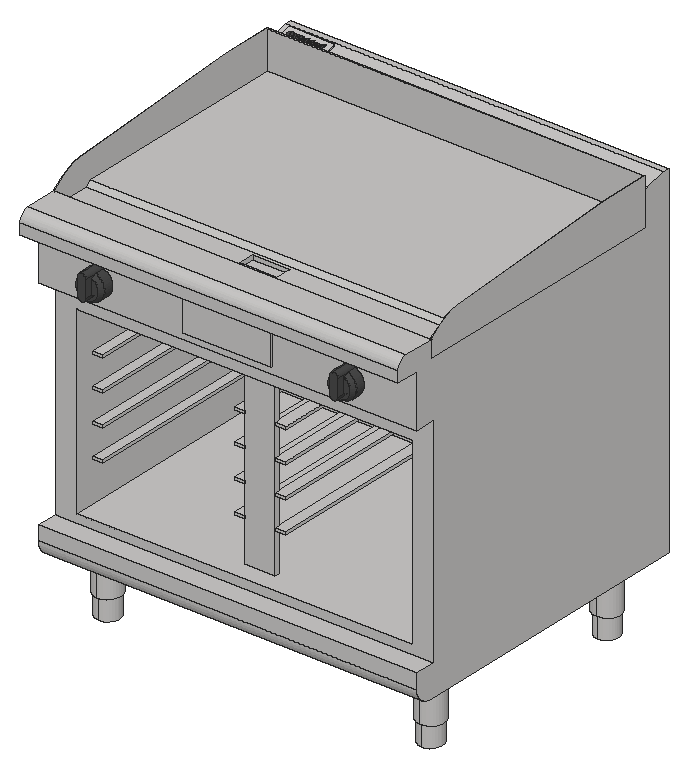
Revit family "QF_MOFFAT WALDORF_GPL8900E-CB", category Specialty Equipment, Revit 2012
Parameters
  Weight in Pounds = 348.33  # constant formula
  Width [instance] = 900.00 mm  # constant formula
  Watts = 12000 W
  Volts = 415 V
  URL Cutsheet = "www.moffat.com"
  URL = "www.moffat.com"
  Type Mark [instance] = ""
  Status [instance] = ""
  Specification by User [instance] = ""
  Specification by Manufacturer = ""
  Show Logo [instance] = yes
  Show Casters [instance] = no
  Serial Number = ""
  Seismic Rating = ""
  SMACNA No = ""
  Revision Code [instance] = ""
  Phase = 3
  Omniclass Number and Title = ""
  Number of Poles = 1
  NAFEM Spec ID Number = ""
  Model = "GPL8900E-CB"
  Min Ckt Ampacity = 0 A
  Max Overcurrent Protection = 0 A
  Masterspec = ""
  Manufacturer = "MOFFAT WALDORF"
  Legs [instance] = not(Show Casters)  # yes
  Item Number [instance] = ""
  Installed By [instance] = ""
  Identify Quantity as Lot [instance] = yes
  Height = 970.00 mm  # constant formula
  HP = ""
  Furnished By [instance] = ""
  Foodservice Equipment Identifier [instance] = yes
  FL Amps = 16.6 A
  Elec Conn RI Height = 0.00 mm
  Elec Conn Connection Height = 0.00 mm
  Description = "GRIDDLE PLATE LOW SPLASHBACK ELECTRIC ON CABINET BASE"
  Depth [instance] = 805.00 mm  # constant formula
  Cycle = 50 Hz
  Conn Plug = ""
  Conn Conduit = yes
  CSI MasterFormat = ""
  CSI Master Format = ""
  Back Splash [instance] = 215.00 mm  # constant formula
  Apparent Power = if(Phase = 3, Volts * FL Amps * 1.73, Volts * FL Amps)  # 11918 VA
Reference planes
  plane 1 "BACK": y = 0
  plane 2: z = 0
  plane 3 "LEFT": x = 0
  plane 4 "RIGHT": x = 900
  plane 5 "FRONT": y = -805
  plane 6 "TOP": z = 970
  plane 7 "Center Y": x = 450
  plane 8 "Center X": y = -402.5
  plane 9 "Base Height": z = 150
  plane 10: z = 915
  plane 11: x = 65
  plane 12: x = 834
  plane 13: y = -625
  plane 14: y = -100
  plane 15: x = 770
  plane 16: y = -32
  plane 17: z = 710
Forms (mm)
  Extrusion 1, solid, material "QF_Finishes_Stainless Steel"
    sketch origin (0, 0, 0) x (0, 1, 0) y (0, 0, 1)
      loop
        line (-699, 222.5) -> (-749, 222.5) -> (-749, 188)
        arc (-749, 188) -> (-737.87, 161.13) -> (-711, 150) r 38
        line (-711, 150) -> (-699, 150) -> (-699, 222.5)
      loop
        line (-100, 150) -> (0, 150) -> (0, 970) -> (-15, 970) -> (-61.106, 957.646)
        arc (-61.106, 957.646) -> (-67.52, 953.36) -> (-70, 946.055) r 12
        line (-70, 946.055) -> (-70, 875) -> (-705, 875) -> (-705, 915) -> (-781, 915)
        arc (-781, 915) -> (-797.971, 907.971) -> (-805, 891) r 24
        line (-805, 891) -> (-805, 866) -> (-749, 866) -> (-749, 740) -> (-100, 740) -> (-100, 150)
    from 0 to 900
  Revolve 2, solid, material "QF_Finishes_Stainless Steel", visible <- "Legs"
    sketch origin (834, -210, 0) x (0, 1, 0) y (0, 0, -1)
      loop
        line (78.25, -150) -> (110, -150) -> (110, 0) -> (82.5, 0) -> (82.5, -50) -> (78.25, -50) -> (78.25, -150)
      axis (110, -150) -> (110, 0)
    angle from 0 to 360
  Revolve 3, solid, material "QF_Finishes_Stainless Steel"
    sketch origin (834, -735, 0) x (0, 1, 0) y (0, 0, -1)
      loop
        line (78.25, -150) -> (110, -150) -> (110, 0) -> (82.5, 0) -> (82.5, -50) -> (78.25, -50) -> (78.25, -150)
      axis (110, -150) -> (110, 0)
    angle from 0 to 360
  Revolve 4, solid, material "QF_Finishes_Stainless Steel", visible <- "Legs"
    sketch origin (65, -210, 0) x (0, 1, 0) y (0, 0, -1)
      loop
        line (78.25, -150) -> (110, -150) -> (110, 0) -> (82.5, 0) -> (82.5, -50) -> (78.25, -50) -> (78.25, -150)
      axis (110, -150) -> (110, 0)
    angle from 0 to 360
  Revolve 5, solid, material "QF_Finishes_Stainless Steel"
    sketch origin (65, -735, 0) x (0, 1, 0) y (0, 0, -1)
      loop
        line (78.25, -150) -> (110, -150) -> (110, 0) -> (82.5, 0) -> (82.5, -50) -> (78.25, -50) -> (78.25, -150)
      axis (110, -150) -> (110, 0)
    angle from 0 to 360
  Revolve 6, solid, material "QF_Finishes_Black"
    sketch origin (150, 0, 602.373) x (0, 1, 0) y (0, 0, -1)
      loop
        line (-782, -229.5) -> (-759, -229.5) -> (-759, -202) -> (-749, -202) -> (-749, -197) -> (-793, -197) -> (-793, -223.651) -> (-782, -229.5)
      axis (-793, -197) -> (-749, -197)
    angle from 0 to 360
  Extrusion 7, solid, material "QF_Finishes_Black"
    sketch origin (288.27, 0, 602.531) x (-1, 0, 0) y (0, 0, -1)
      loop
        arc (148.269, -184.969) -> (138.269, -174.969) -> (128.269, -184.969) r 10
        line (128.269, -184.969) -> (128.269, -223.969)
        arc (128.269, -223.969) -> (138.269, -233.969) -> (148.269, -223.969) r 10
        line (148.269, -223.969) -> (148.269, -184.969)
    from 759 to 808
  Extrusion 8, solid, material "QF_Finishes_Stainless Steel"
    sketch origin (-295, -749, 866) x (0, 0, -1) y (1, 0, 0)
      loop
        line (24, 640) -> (111, 640) -> (111, 850) -> (24, 850) -> (24, 640)
    from 0 to 2.5
  Extrusion 9, solid, material "QF_Finishes_Stainless Steel"
    sketch origin (-295, -751.5, 866) x (0, 0, -1) y (1, 0, 0)
      loop
        line (31, 850) -> (24, 850) -> (24, 640) -> (31, 640) -> (31, 850)
    from 0 to 5
  Extrusion 10, solid, material "QF_Finishes_Stainless Steel"
    sketch origin (0, 0, 740) x (0, -1, 0) y (-1, 0, 0)
      loop
        circle (32, -770) r 13.5
    from 0 to 30
  Revolve 11, solid, material "QF_Finishes_Black"
    sketch origin (750, 0, 602.373) x (0, 1, 0) y (0, 0, 1)
      loop
        line (-782, 229.5) -> (-793, 223.651) -> (-793, 197) -> (-749, 197) -> (-749, 202) -> (-759, 202) -> (-759, 229.5) -> (-782, 229.5)
      axis (-793, 197) -> (-749, 197)
    angle from 0 to 360
  Extrusion 12, solid, material "QF_Finishes_Black"
    sketch origin (611.73, 0, 602.531) x (1, 0, 0) y (0, 0, 1)
      loop
        line (148.269, 184.969) -> (148.269, 223.969)
        arc (148.269, 223.969) -> (138.269, 233.969) -> (128.269, 223.969) r 10
        line (128.269, 223.969) -> (128.269, 184.969)
        arc (128.269, 184.969) -> (138.269, 174.969) -> (148.269, 184.969) r 10
    from 759 to 808
  Extrusion 13, solid, material "QF_Finishes_Stainless Steel"
    sketch origin (0, -100, 685) x (0, 0, 1) y (-1, 0, 0)
      loop
        line (55, 0) -> (-535, 0) -> (-535, -900) -> (55, -900) -> (55, 0)
      loop
        line (-5, -50) -> (-442.5, -50) -> (-442.5, -850) -> (-5, -850) -> (-5, -50)
    from 0 to 599
  Extrusion 14, solid, material "QF_Finishes_Stainless Steel"
    sketch origin (0, -100, 685) x (0, 0, 1) y (-1, 0, 0)
      loop
        line (-5, -485.5) -> (-5, -414.5) -> (-442.5, -414.5) -> (-442.5, -485.5) -> (-5, -485.5)
    from 543.302 to 553.302
  Extrusion 15, solid, material "QF_Finishes_Stainless Steel"
    sketch origin (0, -100, 685) x (0, 0, 1) y (-1, 0, 0)
      loop
        line (-196.25, -414.5) -> (-189.9, -414.5) -> (-189.9, -389.5) -> (-196.25, -389.5) -> (-196.25, -414.5)
      loop
        line (-271.25, -414.5) -> (-264.9, -414.5) -> (-264.9, -389.5) -> (-271.25, -389.5) -> (-271.25, -414.5)
      loop
        line (-271.25, -50) -> (-271.25, -75) -> (-264.9, -75) -> (-264.9, -50) -> (-271.25, -50)
      loop
        line (-189.9, -75) -> (-189.9, -50) -> (-196.25, -50) -> (-196.25, -75) -> (-189.9, -75)
      loop
        line (-346.25, -414.5) -> (-339.9, -414.5) -> (-339.9, -389.5) -> (-346.25, -389.5) -> (-346.25, -414.5)
      loop
        line (-346.25, -50) -> (-346.25, -75) -> (-339.9, -75) -> (-339.9, -50) -> (-346.25, -50)
      loop
        line (-121.25, -414.5) -> (-114.9, -414.5) -> (-114.9, -389.5) -> (-121.25, -389.5) -> (-121.25, -414.5)
      loop
        line (-114.9, -75) -> (-114.9, -50) -> (-121.25, -50) -> (-121.25, -75) -> (-114.9, -75)
      loop
        line (-196.25, -485.5) -> (-196.25, -510.5) -> (-189.9, -510.5) -> (-189.9, -485.5) -> (-196.25, -485.5)
      loop
        line (-271.25, -485.5) -> (-271.25, -510.5) -> (-264.9, -510.5) -> (-264.9, -485.5) -> (-271.25, -485.5)
      loop
        line (-271.25, -850) -> (-264.9, -850) -> (-264.9, -825) -> (-271.25, -825) -> (-271.25, -850)
      loop
        line (-189.9, -825) -> (-196.25, -825) -> (-196.25, -850) -> (-189.9, -850) -> (-189.9, -825)
      loop
        line (-346.25, -485.5) -> (-346.25, -510.5) -> (-339.9, -510.5) -> (-339.9, -485.5) -> (-346.25, -485.5)
      loop
        line (-346.25, -850) -> (-339.9, -850) -> (-339.9, -825) -> (-346.25, -825) -> (-346.25, -850)
      loop
        line (-121.25, -485.5) -> (-121.25, -510.5) -> (-114.9, -510.5) -> (-114.9, -485.5) -> (-121.25, -485.5)
      loop
        line (-114.9, -825) -> (-121.25, -825) -> (-121.25, -850) -> (-114.9, -850) -> (-114.9, -825)
    from 0 to 553.302
  Extrusion 16, void
    sketch origin (0, 0, 150) x (-1, 0, 0) y (0, -1, 0)
      loop
        line (-832.738, 87.26) -> (-832.738, -30.24) -> (-703.238, -30.24) -> (-703.238, 38.76) -> (-751.738, 87.26) -> (-832.738, 87.26)
    from 72.5 to 590
Cuts and joins
  joined: Extrusion 8, Extrusion 9
  Extrusion 16 cuts Extrusion 1
  joined: Extrusion 1, Extrusion 13
Lines and regions (mm)
  Split face 1
    outline origin (12.5, -17.878, 969.229) x (0, -0.965926, -0.258819) y (1, 0, 0)
      loop
        line (2.411, 151.462) -> (37.194, 151.462) -> (37.194, 169.241) -> (2.411, 169.241) -> (2.411, 151.462)
  Split face 2
    outline origin (66.25, -17.878, 969.229) x (0, -0.965926, -0.258819) y (1, 0, 0)
      loop
        line (2.411, 151.462) -> (37.194, 151.462) -> (37.194, 169.241) -> (2.411, 169.241) -> (2.411, 151.462)
  Split face 3
    outline origin (120, -17.878, 969.229) x (0, -0.965926, -0.258819) y (1, 0, 0)
      loop
        line (2.411, 151.462) -> (37.194, 151.462) -> (37.194, 169.241) -> (2.411, 169.241) -> (2.411, 151.462)
  Split face 4
    outline origin (-121.25, -17.878, 969.229) x (0, -0.965926, -0.258819) y (1, 0, 0)
      loop
        line (2.411, 451.462) -> (37.194, 451.462) -> (37.194, 469.241) -> (2.411, 469.241) -> (2.411, 451.462)
  Split face 5
    outline origin (-67.5, -17.878, 969.229) x (0, -0.965926, -0.258819) y (1, 0, 0)
      loop
        line (2.411, 451.462) -> (37.194, 451.462) -> (37.194, 469.241) -> (2.411, 469.241) -> (2.411, 451.462)
  Split face 6
    outline origin (-13.75, -17.878, 969.229) x (0, -0.965926, -0.258819) y (1, 0, 0)
      loop
        line (2.411, 451.462) -> (37.194, 451.462) -> (37.194, 469.241) -> (2.411, 469.241) -> (2.411, 451.462)
  Split face 7
    outline origin (40, -17.878, 969.229) x (0, -0.965926, -0.258819) y (1, 0, 0)
      loop
        line (2.411, 451.462) -> (37.194, 451.462) -> (37.194, 469.241) -> (2.411, 469.241) -> (2.411, 451.462)
  Split face 8
    outline origin (95, -17.878, 969.229) x (0, -0.965926, -0.258819) y (1, 0, 0)
      loop
        line (2.411, 451.462) -> (37.194, 451.462) -> (37.194, 469.241) -> (2.411, 469.241) -> (2.411, 451.462)
  Split face 9
    outline origin (148.257, -17.878, 969.229) x (0, -0.965926, -0.258819) y (1, 0, 0)
      loop
        line (2.411, 451.462) -> (37.194, 451.462) -> (37.194, 469.241) -> (2.411, 469.241) -> (2.411, 451.462)
  Split face 10
    outline origin (203.257, -17.878, 969.229) x (0, -0.965926, -0.258819) y (1, 0, 0)
      loop
        line (2.411, 451.462) -> (37.194, 451.462) -> (37.194, 469.241) -> (2.411, 469.241) -> (2.411, 451.462)
  Split face 11
    outline origin (256.727, -17.878, 969.229) x (0, -0.965926, -0.258819) y (1, 0, 0)
      loop
        line (2.411, 451.462) -> (37.194, 451.462) -> (37.194, 469.241) -> (2.411, 469.241) -> (2.411, 451.462)
  symbolic lines
    curve 1: line (0, 0, 0) -> (0, -805, 0)
    curve 2: line (900, 0, 0) -> (0, 0, 0)
    curve 3: line (900, -805, 0) -> (900, 0, 0)
    curve 4: line (0, -70, 0) -> (900, -70, 0)
    curve 5: line (0, -805, 0) -> (900, -805, 0)
    curve 6: line (12.5, -20.958, 0) -> (121.5, -20.958, 0)
    curve 7: line (12.5, -51.234, 0) -> (12.5, -20.958, 0)
    curve 8: line (121.5, -20.958, 0) -> (121.5, -51.234, 0)
    curve 9: line (12.5, -51.234, 0) -> (121.5, -51.234, 0)
    curve 10: line (181.741, -20.207, 0) -> (181.741, -53.804, 0)
    curve 11: line (181.741, -53.804, 0) -> (163.962, -53.804, 0)
    curve 12: line (163.962, -53.804, 0) -> (163.962, -20.207, 0)
    curve 13: line (163.962, -20.207, 0) -> (181.741, -20.207, 0)
    curve 14: line (217.712, -53.804, 0) -> (217.712, -20.207, 0)
    curve 15: line (217.712, -20.207, 0) -> (235.491, -20.207, 0)
    curve 16: line (235.491, -20.207, 0) -> (235.491, -53.804, 0)
    curve 17: line (235.491, -53.804, 0) -> (217.712, -53.804, 0)
    curve 18: line (289.241, -53.804, 0) -> (271.462, -53.804, 0)
    curve 19: line (271.462, -53.804, 0) -> (271.462, -20.207, 0)
    curve 20: line (271.462, -20.207, 0) -> (289.241, -20.207, 0)
    curve 21: line (289.241, -20.207, 0) -> (289.241, -53.804, 0)
    curve 22: line (347.991, -53.804, 0) -> (330.212, -53.804, 0)
    curve 23: line (330.212, -53.804, 0) -> (330.212, -20.207, 0)
    curve 24: line (330.212, -20.207, 0) -> (347.991, -20.207, 0)
    curve 25: line (347.991, -20.207, 0) -> (347.991, -53.804, 0)
    curve 26: line (401.741, -53.804, 0) -> (383.962, -53.804, 0)
    curve 27: line (383.962, -53.804, 0) -> (383.962, -20.207, 0)
    curve 28: line (383.962, -20.207, 0) -> (401.741, -20.207, 0)
    curve 29: line (401.741, -20.207, 0) -> (401.741, -53.804, 0)
    curve 30: line (455.491, -20.207, 0) -> (437.712, -20.207, 0)
    curve 31: line (437.712, -20.207, 0) -> (437.712, -53.804, 0)
    curve 32: line (437.712, -53.804, 0) -> (455.491, -53.804, 0)
    curve 33: line (455.491, -53.804, 0) -> (455.491, -20.207, 0)
    curve 34: line (491.462, -20.207, 0) -> (509.241, -20.207, 0)
    curve 35: line (509.241, -20.207, 0) -> (509.241, -53.804, 0)
    curve 36: line (509.241, -53.804, 0) -> (491.462, -53.804, 0)
    curve 37: line (491.462, -53.804, 0) -> (491.462, -20.207, 0)
    curve 38: line (546.462, -20.207, 0) -> (564.241, -20.207, 0)
    curve 39: line (564.241, -20.207, 0) -> (564.241, -53.804, 0)
    curve 40: line (564.241, -53.804, 0) -> (546.462, -53.804, 0)
    curve 41: line (546.462, -53.804, 0) -> (546.462, -20.207, 0)
    curve 42: line (617.498, -20.207, 0) -> (599.719, -20.207, 0)
    curve 43: line (599.719, -20.207, 0) -> (599.719, -53.804, 0)
    curve 44: line (599.719, -53.804, 0) -> (617.498, -53.804, 0)
    curve 45: line (617.498, -53.804, 0) -> (617.498, -20.207, 0)
    curve 46: line (672.498, -20.207, 0) -> (654.719, -20.207, 0)
    curve 47: line (654.719, -20.207, 0) -> (654.719, -53.804, 0)
    curve 48: line (654.719, -53.804, 0) -> (672.498, -53.804, 0)
    curve 49: line (672.498, -53.804, 0) -> (672.498, -20.207, 0)
    curve 50: line (725.968, -20.207, 0) -> (725.968, -53.804, 0)
    curve 51: line (725.968, -53.804, 0) -> (708.189, -53.804, 0)
    curve 52: line (708.189, -53.804, 0) -> (708.189, -20.207, 0)
    curve 53: line (708.189, -20.207, 0) -> (725.968, -20.207, 0)
Dimensions and locks
  equal spacing: plane 3 "LEFT", plane 7 "Center Y", plane 4 "RIGHT"
  "Width": plane 3 "LEFT" to plane 4 "RIGHT"
  equal spacing: plane 5 "FRONT", plane 8 "Center X", plane 1 "BACK"
  "Depth": plane 5 "FRONT" to plane 1 "BACK"
  locked: plane 10 to level at 915
  locked: plane 9 "Base Height" to level at 150
  nested 1 to plane 6 "TOP" to nested 1 to plane 10 = 0.283 mm locked, 8.727 mm locked, 46.273 mm locked
  plane 13 to plane 14 = 525.00 mm
  plane 12 to plane 11 = 769.00 mm
  "Height": plane 6 "TOP" to level
  plane 15 to plane 4 "RIGHT" = 130.00 mm
  plane 16 to plane 1 "BACK" = 32.00 mm
  plane 17 to level = 710.00 mm
  aligned and locked: level to plane 2
Automatic sketch dimensions
  plane 1 "BACK" to curve 1 = 0.00 mm
  curve 1 to plane 3 "LEFT" = 0.00 mm
  curve 2 to plane 4 "RIGHT" = 0.00 mm
  plane 5 "FRONT" to curve 1 = 0.00 mm
  plane 3 "LEFT" to curve 9 = 12.50 mm
  curve 9 to plane 16 = 19.234 mm
  plane 11 to curve 9 = 56.50 mm
  plane 16 to curve 12 = 11.793 mm
  curve 6 to curve 12 = 42.462 mm
  curve 12 to curve 10 = 17.779 mm
  plane 16 to curve 15 = 11.793 mm
  curve 10 to curve 15 = 35.971 mm
  curve 14 to curve 17 = 17.779 mm
  curve 4 to curve 7 = 18.766 mm
  curve 17 to plane 16 = 21.804 mm
  curve 12 to plane 16 = 21.804 mm
  plane 16 to curve 8 = 11.042 mm
  Revolve 2 sketch curve to plane 9 "Base Height" = 0.00 mm
  Revolve 2 sketch curve to level = 0.00 mm
  Revolve 2 sketch curve to plane 14 = 0.00 mm  (x2)
  Revolve 2 sketch curve to plane 14 = 27.50 mm
  Revolve 2 sketch curve to plane 14 = 31.75 mm
  level to Revolve 2 sketch curve = 50.00 mm
  Revolve 2 sketch curve to Revolve 2 sketch curve = 0.00 mm
  Revolve 2 sketch curve to Revolve 2 sketch curve = 55.00 mm
  Revolve 3 sketch curve to plane 9 "Base Height" = 0.00 mm
  Revolve 3 sketch curve to level = 0.00 mm
  Revolve 3 sketch curve to plane 13 = 0.00 mm  (x2)
  Revolve 3 sketch curve to plane 13 = 27.50 mm
  Revolve 3 sketch curve to plane 13 = 31.75 mm
  level to Revolve 3 sketch curve = 50.00 mm
  Revolve 3 sketch curve to Revolve 3 sketch curve = 0.00 mm
  Revolve 3 sketch curve to Revolve 3 sketch curve = 55.00 mm
  Revolve 4 sketch curve to plane 9 "Base Height" = 0.00 mm
  Revolve 4 sketch curve to level = 0.00 mm
  Revolve 4 sketch curve to plane 14 = 0.00 mm  (x2)
  Revolve 4 sketch curve to plane 14 = 27.50 mm
  Revolve 4 sketch curve to plane 14 = 31.75 mm
  level to Revolve 4 sketch curve = 50.00 mm
  Revolve 4 sketch curve to Revolve 4 sketch curve = 0.00 mm
  Revolve 4 sketch curve to Revolve 4 sketch curve = 55.00 mm
  Revolve 5 sketch curve to plane 9 "Base Height" = 0.00 mm
  Revolve 5 sketch curve to level = 0.00 mm
  Revolve 5 sketch curve to plane 13 = 0.00 mm  (x2)
  Revolve 5 sketch curve to plane 13 = 27.50 mm
  Revolve 5 sketch curve to plane 13 = 31.75 mm
  level to Revolve 5 sketch curve = 50.00 mm
  Revolve 5 sketch curve to Revolve 5 sketch curve = 0.00 mm
  Revolve 5 sketch curve to Revolve 5 sketch curve = 55.00 mm
  Extrusion 1 to Split face 1 sketch curve = 5.391 mm
  Split face 1 sketch curve to Extrusion 1 = 7.559 mm
  Split face 1 sketch curve to Extrusion 1 = 163.962 mm
  Split face 1 sketch curve to Split face 1 sketch curve = 17.779 mm
  Extrusion 1 to Split face 2 sketch curve = 5.391 mm
  Split face 2 sketch curve to Extrusion 1 = 7.559 mm
  Split face 2 sketch curve to Extrusion 1 = 217.712 mm
  Split face 2 sketch curve to Split face 2 sketch curve = 17.779 mm
  Extrusion 1 to Split face 3 sketch curve = 5.391 mm
  Split face 3 sketch curve to Extrusion 1 = 7.559 mm
  Split face 3 sketch curve to Extrusion 1 = 271.462 mm
  Split face 3 sketch curve to Split face 3 sketch curve = 17.779 mm
  Extrusion 1 to Split face 4 sketch curve = 5.391 mm
  Split face 4 sketch curve to Extrusion 1 = 7.559 mm
  Split face 4 sketch curve to Extrusion 1 = 330.212 mm
  Split face 4 sketch curve to Split face 4 sketch curve = 17.779 mm
  Extrusion 1 to Split face 5 sketch curve = 5.391 mm
  Split face 5 sketch curve to Extrusion 1 = 7.559 mm
  Split face 5 sketch curve to Extrusion 1 = 383.962 mm
  Split face 5 sketch curve to Split face 5 sketch curve = 17.779 mm
  Extrusion 1 to Split face 6 sketch curve = 5.391 mm
  Split face 6 sketch curve to Extrusion 1 = 7.559 mm
  Split face 6 sketch curve to Extrusion 1 = 437.712 mm
  Split face 6 sketch curve to Split face 6 sketch curve = 17.779 mm
  Extrusion 1 to Split face 7 sketch curve = 5.391 mm
  Split face 7 sketch curve to Extrusion 1 = 7.559 mm
  Split face 7 sketch curve to Extrusion 1 = 408.538 mm
  Split face 7 sketch curve to Split face 7 sketch curve = 17.779 mm
  Revolve 6 sketch curve to plane 5 "FRONT" = 12.00 mm
  Revolve 6 sketch curve to Revolve 6 sketch curve = 0.00 mm  (x2)
  Revolve 6 sketch curve to Revolve 6 sketch curve = 11.00 mm
  Revolve 6 sketch curve to Revolve 6 sketch curve = 12.70 mm
  Revolve 6 sketch curve to Revolve 6 sketch curve = 23.00 mm
  Revolve 6 sketch curve to Revolve 6 sketch curve = 10.00 mm
  Revolve 6 sketch curve to plane 10 = 83.127 mm
  Revolve 6 sketch curve to Revolve 6 sketch curve = 5.849 mm
  Revolve 6 sketch curve to Revolve 6 sketch curve = 27.50 mm
  Revolve 6 sketch curve to Revolve 6 sketch curve = 5.00 mm
  plane 11 to Extrusion 7 sketch curve = 95.001 mm
  Extrusion 7 sketch curve to Extrusion 7 sketch curve = 10.00 mm
  Extrusion 7 sketch curve to plane 10 = 88.50 mm
  Extrusion 7 sketch curve to Extrusion 7 sketch curve = 39.00 mm
  Extrusion 1 to Extrusion 8 sketch curve = 24.00 mm
  Extrusion 8 sketch curve to Extrusion 1 = 15.00 mm
  Extrusion 1 to Extrusion 8 sketch curve = 345.00 mm
  Extrusion 8 sketch curve to Extrusion 8 sketch curve = 210.00 mm
  Extrusion 9 sketch curve to Extrusion 8 = 0.00 mm  (x2)
  Extrusion 8 to Extrusion 9 sketch curve = 0.00 mm
  Extrusion 9 sketch curve to Extrusion 8 = 7.00 mm
  Revolve 11 sketch curve to plane 5 "FRONT" = 12.00 mm
  Revolve 11 sketch curve to Revolve 11 sketch curve = 0.00 mm  (x2)
  Revolve 11 sketch curve to Revolve 11 sketch curve = 11.00 mm
  Revolve 11 sketch curve to Revolve 11 sketch curve = 12.70 mm
  Revolve 11 sketch curve to Revolve 11 sketch curve = 23.00 mm
  Revolve 11 sketch curve to Revolve 11 sketch curve = 10.00 mm
  Revolve 11 sketch curve to plane 10 = 115.627 mm
  Revolve 11 sketch curve to Revolve 11 sketch curve = 5.00 mm
  Revolve 11 sketch curve to Revolve 11 sketch curve = 26.651 mm
  Revolve 11 sketch curve to Revolve 11 sketch curve = 5.849 mm
  Extrusion 12 sketch curve to plane 15 = 30.001 mm
  Extrusion 12 sketch curve to Extrusion 12 sketch curve = 10.00 mm
  Extrusion 12 sketch curve to plane 10 = 127.50 mm
  Extrusion 12 sketch curve to Extrusion 12 sketch curve = 39.00 mm
  Extrusion 1 to Split face 8 sketch curve = 5.391 mm
  Split face 8 sketch curve to Extrusion 1 = 7.559 mm
  Split face 8 sketch curve to Extrusion 1 = 353.538 mm
  Split face 8 sketch curve to Split face 8 sketch curve = 17.779 mm
  Extrusion 1 to Split face 9 sketch curve = 5.391 mm
  Split face 9 sketch curve to Extrusion 1 = 7.559 mm
  Split face 9 sketch curve to Extrusion 1 = 300.281 mm
  Split face 9 sketch curve to Split face 9 sketch curve = 17.779 mm
  Extrusion 1 to Split face 10 sketch curve = 5.391 mm
  Split face 10 sketch curve to Extrusion 1 = 7.559 mm
  Split face 10 sketch curve to Extrusion 1 = 245.281 mm
  Split face 10 sketch curve to Split face 10 sketch curve = 17.779 mm
  Extrusion 1 to Split face 11 sketch curve = 5.391 mm
  Split face 11 sketch curve to Extrusion 1 = 7.559 mm
  Split face 11 sketch curve to Extrusion 1 = 191.811 mm
  Split face 11 sketch curve to Split face 11 sketch curve = 17.779 mm
  plane 16 to curve 19 = 11.793 mm
  curve 15 to curve 19 = 35.971 mm
  curve 18 to curve 18 = 17.779 mm
  curve 18 to plane 16 = 21.804 mm
  plane 16 to curve 24 = 11.793 mm
  curve 20 to curve 24 = 40.971 mm
  curve 22 to curve 22 = 17.779 mm
  curve 22 to plane 16 = 21.804 mm
  plane 16 to curve 28 = 11.793 mm
  curve 24 to curve 28 = 35.971 mm
  curve 26 to curve 26 = 17.779 mm
  curve 26 to plane 16 = 21.804 mm
  curve 32 to plane 7 "Center Y" = 12.288 mm
  plane 7 "Center Y" to curve 30 = 5.491 mm
  curve 32 to plane 16 = 21.804 mm
  plane 16 to curve 33 = 11.793 mm
  curve 32 to curve 36 = 35.971 mm
  curve 36 to curve 36 = 17.779 mm
  curve 36 to plane 16 = 21.804 mm
  plane 16 to curve 37 = 11.793 mm
  curve 35 to curve 40 = 37.221 mm
  curve 40 to curve 40 = 17.779 mm
  curve 40 to plane 16 = 21.804 mm
  plane 16 to curve 41 = 11.793 mm
  plane 16 to curve 42 = 11.793 mm
  curve 38 to curve 42 = 35.478 mm
  curve 42 to curve 42 = 17.779 mm
  curve 44 to plane 16 = 21.804 mm
  plane 16 to curve 46 = 11.793 mm
  curve 42 to curve 46 = 37.221 mm
  curve 46 to curve 46 = 17.779 mm
  curve 48 to plane 16 = 21.804 mm
  curve 48 to curve 51 = 35.691 mm
  curve 51 to curve 50 = 17.779 mm
  curve 51 to plane 16 = 21.804 mm
  plane 16 to curve 52 = 11.793 mm
  Extrusion 1 sketch curve to plane 5 "FRONT" = 0.00 mm
  Extrusion 1 sketch curve to plane 10 = 0.00 mm
  Extrusion 1 sketch curve to plane 9 "Base Height" = 0.00 mm  (x2)
  Extrusion 1 sketch curve to plane 14 = 0.00 mm
  Extrusion 1 sketch curve to plane 6 "TOP" = 0.00 mm
  Extrusion 1 sketch curve to plane 1 "BACK" = 0.00 mm
  Extrusion 1 sketch curve to plane 5 "FRONT" = 24.00 mm
  Extrusion 1 sketch curve to Extrusion 1 sketch curve = 32.00 mm
  Extrusion 1 sketch curve to plane 5 "FRONT" = 56.00 mm
  Extrusion 1 sketch curve to Extrusion 1 sketch curve = 38.00 mm
  Extrusion 1 sketch curve to Extrusion 1 sketch curve = 44.00 mm
  Extrusion 1 sketch curve to Extrusion 1 sketch curve = 12.00 mm
  plane 14 to Extrusion 1 sketch curve = 30.00 mm
  Extrusion 1 sketch curve to Extrusion 1 sketch curve = 8.894 mm
  Extrusion 1 sketch curve to Extrusion 1 sketch curve = 3.106 mm
  Extrusion 1 sketch curve to Extrusion 1 sketch curve = 15.00 mm
  Extrusion 1 sketch curve to Extrusion 1 sketch curve = 34.50 mm
  Extrusion 1 sketch curve to Extrusion 1 sketch curve = 25.00 mm
  Extrusion 1 sketch curve to plane 10 = 40.00 mm
  Extrusion 1 sketch curve to plane 6 "TOP" = 23.945 mm
  Extrusion 13 sketch curve to Extrusion 1 = 0.00 mm  (x4)
  Extrusion 1 to Extrusion 13 sketch curve = 92.50 mm
  Extrusion 1 to Extrusion 13 sketch curve = 60.00 mm
  Extrusion 1 to Extrusion 13 sketch curve = 50.00 mm  (x2)
  Extrusion 1 to Extrusion 15 sketch curve = 75.00 mm  (x2)
  Extrusion 1 to Extrusion 15 sketch curve = 188.75 mm  (x3)
  Extrusion 15 sketch curve to Extrusion 15 sketch curve = 0.00 mm  (x6)
  Extrusion 1 to Extrusion 15 sketch curve = 50.00 mm  (x4)
  Extrusion 15 sketch curve to Extrusion 15 sketch curve = 6.35 mm  (x16)
  Extrusion 15 sketch curve to Extrusion 15 sketch curve = 68.65 mm  (x12)
  Extrusion 15 sketch curve to Extrusion 15 sketch curve = 25.00 mm  (x16)
  Extrusion 15 sketch curve to Extrusion 15 sketch curve = 314.50 mm
  Extrusion 15 sketch curve to Extrusion 15 sketch curve = 71.00 mm  (x4)
  Extrusion 1 to Extrusion 14 sketch curve = 92.50 mm
  Extrusion 1 to Extrusion 14 sketch curve = 60.00 mm
  Extrusion 1 to Extrusion 14 sketch curve = 414.50 mm
  Extrusion 14 sketch curve to Extrusion 14 sketch curve = 71.00 mm
  plane 12 to Extrusion 16 sketch curve = 1.262 mm
  Extrusion 16 sketch curve to plane 15 = 18.262 mm
  Extrusion 16 sketch curve to plane 16 = 6.76 mm
  Extrusion 16 sketch curve to plane 15 = 66.762 mm
  Extrusion 16 sketch curve to plane 1 "BACK" = 30.24 mm
  plane 14 to Extrusion 16 sketch curve = 12.74 mm
  Extrusion 1 sketch curve to Extrusion 1 sketch curve = 135.00 mm
  Extrusion 16 to Extrusion 10 sketch curve = 62.738 mm
  Extrusion 16 to Extrusion 10 sketch curve = 55.26 mm
  radius of Extrusion 10 sketch curve = 13.50 mm
Nested families
  nested 1: "WALDORF-LOGO" at (12.5, -35.273, 948.036), visible <- "Show Logo", type "WALDORF-LOGO", detail levels medium+fine
    with Type Mark "", Status "", Specification by User "", Revision Code "", Item Number "", Installed By "", Identify Quantity as Lot yes, Furnished By "", Foodservice Equipment Identifier yes
  nested 2: "GPL8900E-CB-CASTERS" at (65, -127.5, 0), Show Casters <- "Show Casters", visible <- "Show Casters", type "GPL8900E-CB-CASTERS"
    with Type Mark "", Status "", Specification by User "", Show Casters no, Revision Code "", Item Number "", Installed By "", Identify Quantity as Lot yes, Furnished By "", Foodservice Equipment Identifier yes
  nested 3: "GPL8900E-CB-CASTERS" at (835, -127.5, 0), Show Casters <- "Show Casters", visible <- "Show Casters", type "GPL8900E-CB-CASTERS"
    with Type Mark "", Status "", Specification by User "", Show Casters no, Revision Code "", Item Number "", Installed By "", Identify Quantity as Lot yes, Furnished By "", Foodservice Equipment Identifier yes
  nested 4: "GAS GRIDDLE PLATE" at (0, -70, 874.5), type "GAS GRIDDLE PLATE"
    with Type Mark "", Status "", Specification by User "", Show Clearance yes, Revision Code "", Item Number "", Installed By "", Identify Quantity as Lot yes, Furnished By "", Foodservice Equipment Identifier yes
Connectors
  electrical at (770, -32, 710), driven by "Volts", driven by "Watts"
    settings: on Extrusion 10, index 1, voltage 415 V, apparent load 12000 VA, apparent load phase1 0 VA, apparent load phase2 0 VA, apparent load phase3 0 VA, power factor 1, load classification "Other", number of poles 1, system type 30, power factor state 1, is connector primary yes, connector utility no, sub classification motor no, connector description "ELECTRICAL CONNECTION"
Definition of nested family "WALDORF-LOGO"
  Parameters (values of type "WALDORF-LOGO")
    Weight in Pounds = 0
    URL Cutsheet = ""
    Type Mark [instance] = ""
    Status [instance] = ""
    Specification by User [instance] = ""
    Specification by Manufacturer = ""
    Show Logo [instance] = yes
    Serial Number = ""
    Seismic Rating = ""
    SMACNA No = ""
    Revision Code [instance] = ""
    Omniclass Number and Title = ""
    NAFEM Spec ID Number = ""
    Masterspec = ""
    Item Number [instance] = ""
    Installed By [instance] = ""
    Identify Quantity as Lot [instance] = yes
    Furnished By [instance] = ""
    Foodservice Equipment Identifier [instance] = yes
    CSI MasterFormat = ""
    CSI Master Format = ""
  Reference planes
    plane 1 "BACK": y = 0
    plane 2: z = 0
    plane 3 "LEFT": x = 0
    plane 4 "RIGHT": x = 109
    plane 5 "FRONT": y = -1.588
    plane 6 "TOP": z = 34.14
    plane 7 "Center Y": x = 54.5
    plane 8 "Center X": y = -0.794
  Forms (mm)
    Extrusion 1, solid, material "QF_Finishes_Stainless Steel", visible <- "Show Logo"
      sketch origin (0, -16.844, 11.705) x (1, 0, 0) y (0, 0.964546, 0.263916)
        loop
          arc (5, 34.14) -> (1.464, 32.676) -> (0, 29.14) r 5
          line (0, 29.14) -> (0, 5)
          arc (0, 5) -> (1.464, 1.464) -> (5, 0) r 5
          line (5, 0) -> (104, 0)
          arc (104, 0) -> (107.536, 1.464) -> (109, 5) r 5
          line (109, 5) -> (109, 29.14)
          arc (109, 29.14) -> (107.536, 32.676) -> (104, 34.14) r 5
          line (104, 34.14) -> (5, 34.14)
      from 0 to 1.588
    Extrusion 2, solid, material "QF_Finishes_Black", visible <- "Show Logo"
      sketch origin (0, -17.263, 13.237) x (1, 0, 0) y (0, 0.964546, 0.263916)
        loop
          line (24.772, 23.214) -> (27.992, 10.301) -> (31.551, 10.301) -> (33.443, 17.364) -> (35.205, 10.301) -> (39.332, 10.301) -> (42.077, 23.214) -> (38.352, 23.214) -> (36.676, 15.33) -> (35, 23.214) -> (31.752, 23.214) -> (30.076, 15.33) -> (28.4, 23.214) -> (24.772, 23.214)
        loop
          line (42.272, 17.055) -> (45.703, 17.055)
          spline (45.703, 17.055) -> (45.741, 17.285) -> (45.852, 17.499) -> (46.028, 17.682) -> (46.258, 17.823) -> (46.526, 17.912) -> (46.813, 17.942) -> (47.1, 17.912) -> (47.368, 17.823) -> (47.597, 17.682) -> (47.774, 17.499) -> (47.884, 17.285) -> (47.922, 17.055)
          line (47.922, 17.055) -> (47.922, 16.222)
          arc (47.922, 16.222) -> (45.742, 16.014) -> (43.665, 15.317) r 9.604
          arc (43.665, 15.317) -> (41.924, 12.809) -> (43.665, 10.301) r 2.677
          arc (43.665, 10.301) -> (45.527, 10.353) -> (47.332, 10.816) r 8.365
          line (47.332, 10.816) -> (48.092, 11.105) -> (48.092, 10.301) -> (51.817, 10.301) -> (51.817, 17.055)
          spline (51.817, 17.055) -> (51.654, 17.821) -> (51.178, 18.535) -> (50.419, 19.148) -> (49.431, 19.619) -> (48.28, 19.914) -> (47.044, 20.015) -> (45.809, 19.914) -> (44.658, 19.619) -> (43.67, 19.148) -> (42.911, 18.535) -> (42.434, 17.821) -> (42.272, 17.055)
        loop
          line (53.151, 23.214) -> (53.151, 10.301) -> (57.37, 10.301) -> (57.37, 23.214) -> (53.151, 23.214)
        loop
          line (64.874, 23.214) -> (64.874, 18.857)
          arc (64.874, 18.857) -> (58.083, 15.11) -> (64.874, 11.363) r 4.429
          line (64.874, 11.363) -> (64.874, 10.301) -> (68.378, 10.301) -> (68.378, 23.214) -> (64.874, 23.214)
        loop
          arc (64.874, 16.083) -> (61.41, 14.987) -> (64.874, 13.891) r 1.905
          line (64.874, 13.891) -> (64.874, 16.083)
        loop
          circle (74.623, 15.223) r 5
        loop
          spline (74.623, 17.856) -> (74.355, 17.766) -> (74.105, 17.503) -> (73.891, 17.084) -> (73.726, 16.539) -> (73.623, 15.904) -> (73.588, 15.223) -> (73.623, 14.541) -> (73.726, 13.906) -> (73.891, 13.361) -> (74.105, 12.942) -> (74.355, 12.679) -> (74.623, 12.59)
          spline (74.623, 12.59) -> (74.891, 12.679) -> (75.141, 12.942) -> (75.355, 13.361) -> (75.52, 13.906) -> (75.623, 14.541) -> (75.659, 15.223) -> (75.623, 15.904) -> (75.52, 16.539) -> (75.355, 17.084) -> (75.141, 17.503) -> (74.891, 17.766) -> (74.623, 17.856)
        loop
          line (81.255, 19.813) -> (81.255, 10.301) -> (84.834, 10.301) -> (84.834, 14.176)
          arc (84.834, 14.176) -> (85.854, 16.093) -> (88.013, 16.32) r 2.313
          line (88.013, 16.32) -> (88.013, 19.813) -> (87.161, 19.813)
          arc (87.161, 19.813) -> (85.526, 19.266) -> (84.549, 17.844) r 2.717
          line (84.549, 17.844) -> (84.549, 19.813) -> (81.255, 19.813)
        loop
          line (90.249, 19.813) -> (88.91, 19.813) -> (88.91, 17.614) -> (90.249, 17.614) -> (90.249, 10.301) -> (93.998, 10.301) -> (93.998, 17.614) -> (95.418, 17.614) -> (95.418, 19.813) -> (93.998, 19.813)
          arc (93.998, 19.813) -> (94.414, 20.817) -> (95.418, 21.233) r 1.42
          line (95.418, 21.233) -> (95.418, 23.602) -> (93.317, 23.602)
          arc (93.317, 23.602) -> (91.343, 22.903) -> (90.249, 21.118) r 3.137
          line (90.249, 21.118) -> (90.249, 19.813)
        loop
          arc (15.241, 23.571) -> (8.392, 16.525) -> (15.241, 9.479) r 7.049
          line (15.241, 9.479) -> (15.241, 23.571)
        loop
          line (15.641, 23.571) -> (15.641, 9.479)
          arc (15.641, 9.479) -> (22.49, 16.525) -> (15.641, 23.571) r 7.049
        loop
          arc (47.922, 14.711) -> (46.266, 13.749) -> (47.922, 12.787) r 1.107
          line (47.922, 12.787) -> (47.922, 14.711)
      from 0 to 0.2
  Dimensions and locks
    equal spacing: plane 3 "LEFT", plane 7 "Center Y", plane 4 "RIGHT"
    plane 3 "LEFT" to plane 4 "RIGHT" = 109.00 mm
    equal spacing: plane 5 "FRONT", plane 8 "Center X", plane 1 "BACK"
    plane 5 "FRONT" to plane 1 "BACK" = 1.588 mm
    aligned and locked: level to plane 2
  Automatic sketch dimensions
    Extrusion 1 sketch curve to plane 3 "LEFT" = 0.00 mm
    Extrusion 1 sketch curve to plane 4 "RIGHT" = 0.00 mm
    plane 3 "LEFT" to Extrusion 1 sketch curve = 5.00 mm  (x2)
    plane 4 "RIGHT" to Extrusion 1 sketch curve = 5.00 mm
    Extrusion 1 sketch curve to Extrusion 1 sketch curve = 5.00 mm
    Extrusion 1 sketch curve to Extrusion 1 sketch curve = 24.14 mm
    Extrusion 2 sketch curve to Extrusion 2 sketch curve = 0.00 mm  (x14)
    Extrusion 2 sketch curve to Extrusion 1 = 15.241 mm
    Extrusion 2 sketch curve to Extrusion 2 sketch curve = 0.20 mm
    Extrusion 2 sketch curve to Extrusion 2 sketch curve = 0.40 mm
    Extrusion 2 sketch curve to Extrusion 2 sketch curve = 9.131 mm
    Extrusion 2 sketch curve to Extrusion 1 = 10.301 mm  (x2)
    Extrusion 2 sketch curve to Extrusion 2 sketch curve = 12.351 mm
    Extrusion 2 sketch curve to Extrusion 2 sketch curve = 3.628 mm
    Extrusion 2 sketch curve to Extrusion 2 sketch curve = 2.084 mm
    Extrusion 2 sketch curve to Extrusion 2 sketch curve = 3.559 mm
    Extrusion 2 sketch curve to Extrusion 1 = 10.926 mm  (x2)
    Extrusion 2 sketch curve to Extrusion 2 sketch curve = 3.352 mm  (x2)
    Extrusion 2 sketch curve to Extrusion 2 sketch curve = 3.367 mm
    Extrusion 2 sketch curve to Extrusion 2 sketch curve = 3.249 mm
    Extrusion 2 sketch curve to Extrusion 2 sketch curve = 3.654 mm
    Extrusion 2 sketch curve to Extrusion 1 = 15.33 mm
    Extrusion 2 sketch curve to Extrusion 2 sketch curve = 3.233 mm
    Extrusion 2 sketch curve to Extrusion 2 sketch curve = 4.128 mm
    Extrusion 2 sketch curve to Extrusion 2 sketch curve = 3.725 mm
    Extrusion 2 sketch curve to Extrusion 2 sketch curve = 5.596 mm
    Extrusion 2 sketch curve to Extrusion 2 sketch curve = 4.333 mm
    Extrusion 2 sketch curve to Extrusion 2 sketch curve = 1.394 mm
    Extrusion 2 sketch curve to Extrusion 2 sketch curve = 2.092 mm
    Extrusion 2 sketch curve to Extrusion 2 sketch curve = 0.936 mm
    Extrusion 2 sketch curve to Extrusion 2 sketch curve = 1.34 mm
    Extrusion 2 sketch curve to Extrusion 2 sketch curve = 1.109 mm
    Extrusion 2 sketch curve to Extrusion 2 sketch curve = 0.232 mm
    Extrusion 2 sketch curve to Extrusion 2 sketch curve = 2.731 mm
    Extrusion 2 sketch curve to Extrusion 2 sketch curve = 0.549 mm  (x2)
    Extrusion 2 sketch curve to Extrusion 2 sketch curve = 0.407 mm
    Extrusion 2 sketch curve to Extrusion 2 sketch curve = 0.76 mm
    Extrusion 2 sketch curve to Extrusion 2 sketch curve = 1.334 mm
    Extrusion 2 sketch curve to Extrusion 2 sketch curve = 4.219 mm
    Extrusion 2 sketch curve to Extrusion 2 sketch curve = 5.142 mm
    Extrusion 2 sketch curve to Extrusion 2 sketch curve = 0.803 mm
    Extrusion 2 sketch curve to Extrusion 2 sketch curve = 1.558 mm
    Extrusion 2 sketch curve to Extrusion 2 sketch curve = 3.504 mm
    Extrusion 2 sketch curve to Extrusion 2 sketch curve = 6.245 mm
    Extrusion 2 sketch curve to Extrusion 2 sketch curve = 6.632 mm
    Extrusion 2 sketch curve to Extrusion 2 sketch curve = 3.294 mm
    Extrusion 2 sketch curve to Extrusion 2 sketch curve = 3.579 mm
    Extrusion 2 sketch curve to Extrusion 2 sketch curve = 2.313 mm
    Extrusion 2 sketch curve to Extrusion 2 sketch curve = 2.612 mm
    Extrusion 2 sketch curve to Extrusion 2 sketch curve = 0.852 mm
    Extrusion 2 sketch curve to Extrusion 2 sketch curve = 0.897 mm
    Extrusion 2 sketch curve to Extrusion 2 sketch curve = 3.102 mm
    Extrusion 2 sketch curve to Extrusion 2 sketch curve = 1.338 mm
    Extrusion 2 sketch curve to Extrusion 2 sketch curve = 3.068 mm
    Extrusion 2 sketch curve to Extrusion 2 sketch curve = 0.681 mm
    Extrusion 2 sketch curve to Extrusion 2 sketch curve = 3.749 mm
    Extrusion 2 sketch curve to Extrusion 2 sketch curve = 1.42 mm
    Extrusion 2 sketch curve to Extrusion 2 sketch curve = 5.029 mm  (x2)
    Extrusion 2 sketch curve to Extrusion 1 = 9.479 mm
    Extrusion 2 sketch curve to Extrusion 2 sketch curve = 3.681 mm
    Extrusion 2 sketch curve to Extrusion 2 sketch curve = 0.515 mm
    Extrusion 2 sketch curve to Extrusion 2 sketch curve = 0.804 mm
    Extrusion 2 sketch curve to Extrusion 2 sketch curve = 1.062 mm
    Extrusion 2 sketch curve to Extrusion 2 sketch curve = 1.682 mm
    Extrusion 2 sketch curve to Extrusion 2 sketch curve = 2.508 mm
    Extrusion 2 sketch curve to Extrusion 2 sketch curve = 0.962 mm
    Extrusion 2 sketch curve to Extrusion 2 sketch curve = 2.528 mm
    Extrusion 2 sketch curve to Extrusion 2 sketch curve = 3.875 mm
    Extrusion 2 sketch curve to Extrusion 2 sketch curve = 1.096 mm
    Extrusion 2 sketch curve to Extrusion 2 sketch curve = 0.123 mm
    Extrusion 2 sketch curve to Extrusion 2 sketch curve = 4.922 mm
    Extrusion 2 sketch curve to Extrusion 2 sketch curve = 7.046 mm
    Extrusion 2 sketch curve to Extrusion 2 sketch curve = 0.833 mm
    Extrusion 2 sketch curve to Extrusion 2 sketch curve = 0.776 mm
    Extrusion 2 sketch curve to Extrusion 2 sketch curve = 2.034 mm
    Extrusion 2 sketch curve to Extrusion 2 sketch curve = 7.314 mm
    Extrusion 2 sketch curve to Extrusion 2 sketch curve = 1.295 mm
    Extrusion 2 sketch curve to Extrusion 2 sketch curve = 0.749 mm
    Extrusion 2 sketch curve to Extrusion 2 sketch curve = 2.633 mm
    Extrusion 2 sketch curve to Extrusion 2 sketch curve = 2.198 mm  (x2)
    Extrusion 2 sketch curve to Extrusion 2 sketch curve = 1.968 mm
    Extrusion 2 sketch curve to Extrusion 2 sketch curve = 0.653 mm
    Extrusion 2 sketch curve to Extrusion 2 sketch curve = 1.305 mm
    Extrusion 2 sketch curve to Extrusion 2 sketch curve = 4.357 mm
    Extrusion 2 sketch curve to Extrusion 2 sketch curve = 6.159 mm
    radius of Extrusion 2 sketch curve = 5.00 mm
Definition of nested family "GAS GRIDDLE PLATE"
  Parameters (values of type "GAS GRIDDLE PLATE")
    Weight in Pounds = 0
    URL Cutsheet = ""
    Type Mark [instance] = ""
    Status [instance] = ""
    Specification by User [instance] = ""
    Specification by Manufacturer = ""
    Show Clearance [instance] = yes
    Serial Number = ""
    Seismic Rating = ""
    SMACNA No = ""
    Revision Code [instance] = ""
    Omniclass Number and Title = ""
    NAFEM Spec ID Number = ""
    Masterspec = ""
    Item Number [instance] = ""
    Installed By [instance] = ""
    Identify Quantity as Lot [instance] = yes
    Furnished By [instance] = ""
    Foodservice Equipment Identifier [instance] = yes
    CSI MasterFormat = ""
    CSI Master Format = ""
  Reference planes
    plane 1 "BACK": y = 0
    plane 2: z = 0
    plane 3 "LEFT": x = 0
    plane 4 "RIGHT": x = 900
    plane 5 "FRONT": y = -634.4
    plane 6 "TOP": z = 142.5
    plane 7 "Center Y": x = 450
    plane 8 "Center X": y = -317.2
  Forms (mm)
    Extrusion 1, solid, material "QF_Finishes_Stainless Steel"
      sketch origin (0, 70.003, -874.5) x (0, 1, 0) y (0, 0, 1)
        loop
          line (-70, 875) -> (-70, 984.5) -> (-191.003, 984.5) -> (-626.368, 954.056)
          arc (-626.368, 954.056) -> (-652.773, 948.564) -> (-676.75, 936.215) r 100
          line (-676.75, 936.215) -> (-704.403, 916.852) -> (-704.403, 875) -> (-70, 875)
      from 0 to 1.8
    Extrusion 2, solid, material "QF_Finishes_Stainless Steel"
      sketch origin (150, 70.003, -874.5) x (0, 1, 0) y (0, 0, 1)
        loop
          line (-70, 895) -> (-601, 895) -> (-611.5, 884.5) -> (-704.403, 884.5) -> (-704.403, 875) -> (-70, 875) -> (-70, 895)
      from -148.2 to 748.2
    Extrusion 3, void
      sketch origin (-218.85, -541.497, 10) x (0, -1, 0) y (1, 0, 0)
        loop
          line (10, 713.7) -> (10, 625.2) -> (48.5, 625.2) -> (48.5, 713.7) -> (10, 713.7)
      from -41.4 to 40.142
    Extrusion 4, solid, material "QF_Finishes_Stainless Steel"
      sketch origin (150, 0.003, 211.574) x (0, 0, -1) y (1, 0, 0)
        loop
          line (101.574, -148.2) -> (191.074, -148.2) -> (191.074, 748.2) -> (101.574, 748.2) -> (101.574, -148.2)
      from 0 to 1.683
    Extrusion 5, solid, material "QF_Finishes_Stainless Steel"
      sketch origin (900, 70.003, -874.5) x (0, 1, 0) y (0, 0, -1)
        loop
          line (-70, -875) -> (-704.403, -875) -> (-704.403, -916.852) -> (-676.75, -936.215)
          arc (-676.75, -936.215) -> (-652.773, -948.564) -> (-626.368, -954.056) r 100
          line (-626.368, -954.056) -> (-191.003, -984.5) -> (-70, -984.5) -> (-70, -875)
      from 0 to 1.8
  Cuts and joins
    Extrusion 3 cuts Extrusion 2
  Lines and regions (mm)
    symbolic lines
      curve 1: line (898.2, -530.997, 0) -> (1.8, -530.997, 0)
      curve 2: line (1.8, -541.497, 0) -> (898.2, -541.497, 0)
      curve 3: line (406.35, -551.497, 0) -> (406.35, -589.997, 0)
      curve 4: line (406.35, -589.997, 0) -> (494.85, -589.997, 0)
      curve 5: line (494.85, -589.997, 0) -> (494.85, -551.497, 0)
      curve 6: line (494.85, -551.497, 0) -> (406.35, -551.497, 0)
      curve 7: line (1.8, -1.68, 0) -> (898.2, -1.68, 0)
      curve 8: line (898.2, -1.68, 0) -> (898.2, -634.4, 0)
      curve 9: line (1.8, -634.4, 0) -> (1.8, 0, 0)
      curve 10: line (1.8, -634.4, 0) -> (898.2, -634.4, 0)
  Dimensions and locks
    equal spacing: plane 3 "LEFT", plane 7 "Center Y", plane 4 "RIGHT"
    plane 3 "LEFT" to plane 4 "RIGHT" = 900.00 mm
    equal spacing: plane 5 "FRONT", plane 8 "Center X", plane 1 "BACK"
    plane 5 "FRONT" to plane 1 "BACK" = 634.40 mm
    aligned and locked: level to plane 2
  Automatic sketch dimensions
    plane 5 "FRONT" to curve 10 = 0.00 mm
    plane 3 "LEFT" to curve 10 = 1.80 mm
    curve 4 to plane 5 "FRONT" = 44.403 mm
    plane 4 "RIGHT" to curve 4 = 493.65 mm
    plane 4 "RIGHT" to curve 5 = 405.15 mm
    curve 3 to curve 3 = 38.50 mm
    curve 2 to plane 5 "FRONT" = 92.903 mm
    curve 2 to curve 1 = 10.50 mm
    plane 1 "BACK" to curve 9 = 0.00 mm
    Extrusion 1 sketch curve to plane 5 "FRONT" = 0.00 mm
    Extrusion 1 sketch curve to plane 5 "FRONT" = 27.653 mm
    Extrusion 1 sketch curve to Extrusion 1 sketch curve = 50.382 mm
    Extrusion 1 sketch curve to level = 20.20 mm
    Extrusion 1 sketch curve to plane 5 "FRONT" = 85.011 mm
    Extrusion 1 sketch curve to plane 6 "TOP" = 32.50 mm
    plane 1 "BACK" to Extrusion 1 sketch curve = 121.00 mm
    Extrusion 1 sketch curve to plane 1 "BACK" = 0.003 mm
    level to Extrusion 1 sketch curve = 0.50 mm
    Extrusion 1 sketch curve to Extrusion 1 sketch curve = 41.852 mm
    Extrusion 1 sketch curve to Extrusion 1 sketch curve = 19.363 mm
    Extrusion 2 sketch curve to plane 5 "FRONT" = 0.00 mm
    level to Extrusion 2 sketch curve = 10.00 mm
    Extrusion 2 sketch curve to Extrusion 2 sketch curve = 92.903 mm
    Extrusion 2 sketch curve to Extrusion 2 sketch curve = 10.50 mm  (x2)
    Extrusion 2 sketch curve to plane 1 "BACK" = 0.003 mm
    level to Extrusion 2 sketch curve = 0.50 mm
    Extrusion 2 to Extrusion 3 sketch curve = 10.00 mm
    Extrusion 3 sketch curve to Extrusion 3 sketch curve = 38.50 mm
    Extrusion 2 to Extrusion 3 sketch curve = 491.85 mm
    Extrusion 2 to Extrusion 3 sketch curve = 403.35 mm
    Extrusion 4 sketch curve to plane 6 "TOP" = 32.50 mm
    level to Extrusion 4 sketch curve = 20.50 mm
    plane 3 "LEFT" to Extrusion 4 sketch curve = 1.80 mm
    plane 7 "Center Y" to Extrusion 4 sketch curve = 448.20 mm
    Extrusion 5 sketch curve to plane 5 "FRONT" = 0.00 mm
    Extrusion 5 sketch curve to plane 5 "FRONT" = 27.653 mm
    Extrusion 5 sketch curve to Extrusion 5 sketch curve = 50.382 mm
    Extrusion 5 sketch curve to level = 20.20 mm
    Extrusion 5 sketch curve to plane 5 "FRONT" = 85.011 mm
    Extrusion 5 sketch curve to plane 6 "TOP" = 32.50 mm
    plane 1 "BACK" to Extrusion 5 sketch curve = 121.00 mm
    Extrusion 5 sketch curve to plane 1 "BACK" = 0.003 mm
    Extrusion 5 sketch curve to plane 6 "TOP" = 62.944 mm
    Extrusion 5 sketch curve to Extrusion 5 sketch curve = 19.363 mm
    level to Extrusion 5 sketch curve = 0.50 mm
    curve 7 to curve 9 = 0.00 mm
    plane 1 "BACK" to curve 8 = 1.68 mm
    plane 4 "RIGHT" to curve 7 = 1.80 mm
Definition of nested family "GPL8900E-CB-CASTERS"
  Parameters (values of type "BT8600-LS-CASTERS")
    Weight = ""
    URL Manufacturer = ""
    URL Cutsheet = ""
    URL = ""
    Type Mark [instance] = ""
    Status [instance] = ""
    Specification by User [instance] = ""
    Specification by Manufacturer = ""
    Show Casters [instance] = no
    Serial Number = ""
    Seismic Rating = ""
    SMACNA No = ""
    Revision Code [instance] = ""
    Omniclass Number and Title = ""
    NAFEM Spec ID Number = ""
    Model = ""
    MasterSpec. = ""
    Manufacturer = ""
    Item Number [instance] = ""
    Installed By [instance] = ""
    Identify Quantity as Lot [instance] = yes
    Furnished By [instance] = ""
    Foodservice Equipment Identifier [instance] = yes
    Description = ""
    CSI MasterFormat = ""
    CSI Master Format = ""
    Assembly Code = ""
  Reference planes
    plane 1: z = 0
    plane 2 "RIGHT": x = 0
    plane 3 "FRONT": y = 0
    plane 4 "Base Height": z = 150
  Forms (mm)
    Revolve 1, solid, material "QF_Finishes_Stainless Steel", visible <- "Show Casters"
      sketch origin (0, 56.335, 0) x (0, 1, 0) y (0, 0, 1)
        loop
          line (-56.335, 152.4) -> (-56.335, 141.118) -> (-23.798, 141.118) -> (-23.798, 152.4) -> (-56.335, 152.4)
        axis (-56.335, 141.118) -> (-56.335, 152.4)
      angle from 0 to 360
    Extrusion 2, solid, material "QF_Finishes_Stainless Steel", visible <- "Show Casters"
      sketch origin (-46.049, 56.335, 0) x (0, 1, 0) y (0, 0, 1)
        loop
          line (-85.799, 141.118) -> (-85.799, 133.498) -> (-82.136, 133.498)
          arc (-82.136, 133.498) -> (-79.344, 132.328) -> (-77.146, 130.248) r 8.432
          line (-77.146, 130.248) -> (-39.502, 49.52)
          arc (-39.502, 49.52) -> (-13.784, 46.107) -> (-5.673, 70.75) r 20.32
          arc (-5.673, 70.75) -> (-7.065, 73.611) -> (-8.887, 76.22) r 20.32
          arc (-8.887, 76.22) -> (-9.399, 85.377) -> (-6.626, 94.119) r 25.4
          line (-6.626, 94.119) -> (8.003, 121.632)
          arc (8.003, 121.632) -> (-2.347, 126.31) -> (-13.34, 129.167) r 66.802
          line (-13.34, 129.167) -> (-13.765, 133.498) -> (-26.871, 133.498) -> (-26.871, 141.118) -> (-85.799, 141.118)
      from 20.058 to 22.923
    Extrusion 3, solid, material "QF_Finishes_Stainless Steel", visible <- "Show Casters"
      sketch origin (3.326, 56.335, 0) x (0, 1, 0) y (0, 0, 1)
        loop
          line (-85.799, 141.118) -> (-85.799, 133.498) -> (-82.136, 133.498)
          arc (-82.136, 133.498) -> (-79.344, 132.328) -> (-77.146, 130.248) r 8.432
          line (-77.146, 130.248) -> (-39.502, 49.52)
          arc (-39.502, 49.52) -> (-13.784, 46.107) -> (-5.673, 70.75) r 20.32
          arc (-5.673, 70.75) -> (-7.065, 73.611) -> (-8.887, 76.22) r 20.32
          arc (-8.887, 76.22) -> (-9.399, 85.377) -> (-6.626, 94.119) r 25.4
          line (-6.626, 94.119) -> (8.003, 121.632)
          arc (8.003, 121.632) -> (-2.347, 126.31) -> (-13.34, 129.167) r 66.802
          line (-13.34, 129.167) -> (-13.765, 133.498) -> (-26.871, 133.498) -> (-26.871, 141.118) -> (-85.799, 141.118)
      from 20.058 to 22.923
    Extrusion 4, solid, material "QF_Finishes_Stainless Steel", visible <- "Show Casters"
      sketch origin (-49.224, 56.335, 0) x (0, 1, 0) y (0, 0, 1)
        loop
          line (-85.799, 141.118) -> (-85.799, 133.498) -> (-82.136, 133.498) -> (-18.877, 127.964) -> (7.14, 120.01) -> (8.003, 121.632)
          arc (8.003, 121.632) -> (-2.347, 126.31) -> (-13.34, 129.167) r 66.802
          line (-13.34, 129.167) -> (-13.765, 133.498) -> (-26.871, 133.498) -> (-26.871, 141.118) -> (-85.799, 141.118)
      from 26.098 to 72.56
    Revolve 5, solid, material "QF_Finishes_Stainless Steel", visible <- "Show Casters"
      sketch origin (-49.224, 30.821, 0) x (1, 0, 0) y (0, 0, 1)
        loop
          line (14.841, 63.604) -> (83.584, 63.604) -> (83.584, 67.109) -> (82.314, 68.379) -> (80.79, 68.379) -> (80.79, 71.826) -> (68.644, 71.826) -> (68.644, 81.79) -> (65.088, 83.843) -> (61.683, 104.879) -> (65.881, 104.879) -> (65.881, 111.229) -> (65.088, 111.229) -> (65.088, 117.579)
          arc (65.088, 117.579) -> (62.298, 124.314) -> (55.563, 127.104) r 9.525
          line (55.563, 127.104) -> (42.863, 127.104)
          arc (42.863, 127.104) -> (36.127, 124.314) -> (33.338, 117.579) r 9.525
          line (33.338, 117.579) -> (33.338, 111.229) -> (32.544, 111.229) -> (32.544, 104.879) -> (36.742, 104.879) -> (33.352, 83.932) -> (29.782, 81.871) -> (29.782, 71.826) -> (17.635, 71.826) -> (17.635, 68.379) -> (16.111, 68.379) -> (14.841, 67.109) -> (14.841, 63.604)
        axis (14.841, 63.604) -> (83.584, 63.604)
      angle from 0 to 360
  Cuts and joins
    joined: Extrusion 2, Extrusion 3, Extrusion 4
  Lines and regions (mm)
    symbolic lines, style "SpecialityEquipmentHiddenLines", visible <- "Show Casters"
      curve 1: line (18.009, 67.053, 0) -> (45.595, 51.127, 0)
      curve 2: line (-45.491, -42.932, 0) -> (18.009, 67.053, 0)
      curve 3: line (-17.905, -58.859, 0) -> (-45.491, -42.932, 0)
      curve 4: line (45.595, 51.127, 0) -> (-17.905, -58.859, 0)
  Dimensions and locks
    plane 4 "Base Height" to level = 150.00 mm  (x2)
    Revolve 5 sketch curve to Revolve 5 sketch curve = 63.50 mm
    aligned and locked: level to plane 1
